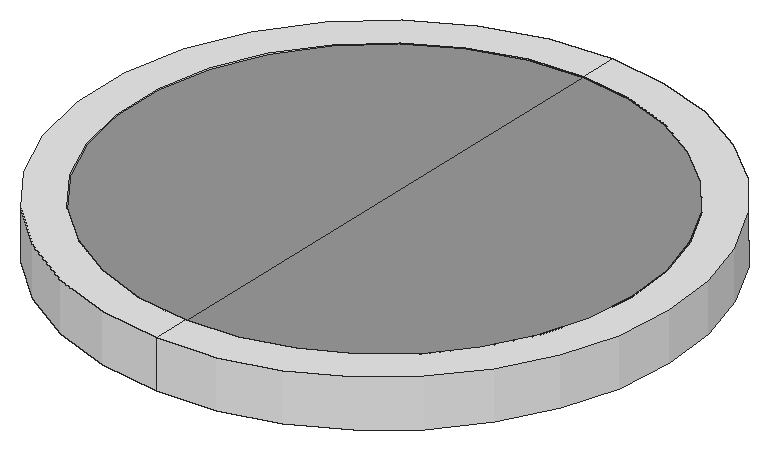
Revit family "SKC12R", category Lighting Fixtures, host Face, Revit 2022
Family settings
  Host = Face
  Round Connector Dimension = Use Diameter
  Part Type = Normal
  Cut with Voids When Loaded = Yes
  Light Source = Yes
  Maintain Annotation Orientation = No
  Shared = No
  Room Calculation Point = No
Parameters (values of type "SKC12R-13LM-2700K-CRI80")
  r = 0' - 3.85882"
  Wattage Comments = "15W"
  Wattage = 10.5425 W
  built-in parameter 1150110 = 1 (stored number, unit not read)
  URL = "https://www.abovealllighting.com/Product/LED-INDOOR-FIXTURE/Surface/SLEEKCEILINGLEDLUMINAIRE.html"
  Trim = 0' - 0 197/256"
  built-in parameter 1114217 = 1 (stored number, unit not read)
  Tilt Angle = 90.00°
  built-in parameter 1150109 = 1 (stored number, unit not read)
  built-in parameter 1150134 = (empty or 0)
  built-in parameter 1150113 = 1 (stored number, unit not read)
  R = 0' - 6"
  Power Factor = "0.9"
  Photometric Web File = "SKC12R-13LM27801(G).IES"
  Model = "SKC12R-13LM-27801"
  Manufacturer = "Above All Lighting"  # constant formula
  built-in parameter 1150105 = 124.62 (stored number, unit not read)
  Lumens = 1566 lm
  built-in parameter 1150115 = 1 (stored number, unit not read)
  Load Classification = Lighting
  built-in parameter 1150137 = (empty or 0)
  built-in parameter 1150139 = (empty or 0)
  built-in parameter 1150112 = 1 (stored number, unit not read)
  built-in parameter 1150114 = 1 (stored number, unit not read)
  Lamp = "LED"
  Input Voltage = "120-277V"
  built-in parameter 1150132 = 2
  built-in parameter 1150102 = (empty or 0)
  built-in parameter 1150107 = 2700 (stored number, unit not read)
  built-in parameter 1150138 = (empty or 0)
  built-in parameter 1150106 = 1.2462 (stored number, unit not read)
  built-in parameter 1150104 = 13.8 (stored number, unit not read)
  Dimming Lamp Color Temperature Shift = <None>
  Default Elevation = 0' - 0"
  Color Filter = 16777215
  CRI = "80"
  built-in parameter 1114218 = 1 (stored number, unit not read)
  built-in parameter 1150133 = 10 (stored number, unit not read)
Types (17): name | Wattage Comments | Wattage | built-in parameter 1150134 | Photometric Web File | Model | built-in parameter 1150105 | Lumens | built-in parameter 1150107 | built-in parameter 1150106 | CRI
  (no name) | "15W" | 10.5425 W | (empty or 0) | "SKC12R-13LM27801(G).IES" | "SKC12R-13LM-27801" | 124.62 (stored number, unit not read) | 1566 lm | 2700 (stored number, unit not read) | 1.2462 (stored number, unit not read) | "80"
  SKC12R-13LM-2700K-CRI90 | "15W" | 9.08834 W | (empty or 0) | "SKC12R-13LM27901(G).IES" | "SKC12R-13LM-27901" | 107.43 (stored number, unit not read) | 1350 lm | 2700 (stored number, unit not read) | 1.0743 (stored number, unit not read) | "90"
  SKC12R-13LM-3000K-CRI90 | "15W" | 9.08834 W | (empty or 0) | "SKC12R-13LM30901(G).IES" | "SKC12R-13LM-30901" | 107.43 (stored number, unit not read) | 1350 lm | 3000 (stored number, unit not read) | 1.0743 (stored number, unit not read) | "90"
  SKC12R-13LM-3500K-CRI90 | "15W" | 9.08834 W | (empty or 0) | "SKC12R-13LM35901(G).IES" | "SKC12R-13LM-35901" | 107.43 (stored number, unit not read) | 1350 lm | 3500 (stored number, unit not read) | 1.0743 (stored number, unit not read) | "90"
  SKC12R-13LM-4000K-CRI90 | "15W" | 9.08834 W | 12 | "SKC12R-13LM40901(G).IES" | "SKC12R-13LM-40901" | 107.43 (stored number, unit not read) | 1350 lm | 4000 (stored number, unit not read) | 1.0743 (stored number, unit not read) | "90"
  SKC12R-18LM-2700K-CRI90 | "20W" | 11.7139 W | (empty or 0) | "SKC12R-18LM27901(G).IES" | "SKC12R-18LM-27901" | 138.46 (stored number, unit not read) | 1740 lm | 2700 (stored number, unit not read) | 1.3846 (stored number, unit not read) | "90"
  SKC12R-18LM-3000K-CRI90 | "20W" | 11.7139 W | (empty or 0) | "SKC12R-18LM30901(G).IES" | "SKC12R-18LM-30901" | 138.46 (stored number, unit not read) | 1740 lm | 3000 (stored number, unit not read) | 1.3846 (stored number, unit not read) | "90"
  SKC12R-18LM-3500K-CRI90 | "20W" | 11.7139 W | (empty or 0) | "SKC12R-18LM35901(G).IES" | "SKC12R-18LM-35901" | 138.46 (stored number, unit not read) | 1740 lm | 3500 (stored number, unit not read) | 1.3846 (stored number, unit not read) | "90"
  SKC12R-18LM-4000K-CRI90 | "20W" | 11.7139 W | 12 | "SKC12R-18LM40901(G).IES" | "SKC12R-18LM-40901" | 138.46 (stored number, unit not read) | 1740 lm | 4000 (stored number, unit not read) | 1.3846 (stored number, unit not read) | "90"
  SKC12R-13LM-2700K-CRI80 | "15W" | 10.5425 W | (empty or 0) | "SKC12R-13LM27801(G).IES" | "SKC12R-13LM-27801" | 124.62 (stored number, unit not read) | 1566 lm | 2700 (stored number, unit not read) | 1.2462 (stored number, unit not read) | "80"
  SKC12R-13LM-3000K-CRI80 | "15W" | 10.5425 W | (empty or 0) | "SKC12R-13LM30801(G).IES" | "SKC12R-13LM-30801" | 124.62 (stored number, unit not read) | 1566 lm | 3000 (stored number, unit not read) | 1.2462 (stored number, unit not read) | "80"
  SKC12R-13LM-3500K-CRI80 | "15W" | 10.5425 W | (empty or 0) | "SKC12R-13LM35801(G).IES" | "SKC12R-13LM-35801" | 124.62 (stored number, unit not read) | 1566 lm | 3500 (stored number, unit not read) | 1.2462 (stored number, unit not read) | "80"
  SKC12R-13LM-4000K-CRI80 | "15W" | 10.5425 W | 12 | "SKC12R-13LM40801(G).IES" | "SKC12R-13LM-40801" | 124.62 (stored number, unit not read) | 1566 lm | 4000 (stored number, unit not read) | 1.2462 (stored number, unit not read) | "80"
  SKC12R-18LM-2700K-CRI80 | "20W" | 13.5854 W | (empty or 0) | "SKC12R-18LM27801(G).IES" | "SKC12R-18LM-27801" | 707.83 (stored number, unit not read) | 2018 lm | 2700 (stored number, unit not read) | 7.0783 (stored number, unit not read) | "80"
  SKC12R-18LM-3000K-CRI80 | "20W" | 13.5854 W | (empty or 0) | "SKC12R-18LM30801(G).IES" | "SKC12R-18LM-30801" | 707.83 (stored number, unit not read) | 2018 lm | 3000 (stored number, unit not read) | 7.0783 (stored number, unit not read) | "80"
  SKC12R-18LM-3500K-CRI80 | "20W" | 13.5854 W | (empty or 0) | "SKC12R-18LM35801(G).IES" | "SKC12R-18LM-35801" | 707.83 (stored number, unit not read) | 2018 lm | 3500 (stored number, unit not read) | 7.0783 (stored number, unit not read) | "80"
  SKC12R-18LM-4000K-CRI80 | "20W" | 13.5854 W | 12 | "SKC12R-18LM40801(G).IES" | "SKC12R-18LM-40801" | 707.83 (stored number, unit not read) | 2018 lm | 4000 (stored number, unit not read) | 7.0783 (stored number, unit not read) | "80"
Reference planes (in)
  plane 1 "Center (Front/Back)": y = 0
  plane 2: z = 0
  plane 3 "Center (Left/Right)": x = 0
  plane 4: y = 6
  plane 5: y = -6
  plane 6: z = 0.36
  plane 7: z = 0
  plane 8: y = 5.23047
Forms (in)
  Revolve 1, solid, material "Aluminum"
    sketch origin (0, 0, 1.36) x (0, -1, 0) y (0, 0, -1)
      loop
        line (-5.23047, 0) -> (-5.23047, 0.25) -> (0, 0.25) -> (0, 1.36) -> (-3.85882, 1.36) -> (-5.26234, 1) -> (-6, 1) -> (-6, 0) -> (-5.23047, 0)
      axis (0, 0) -> (0, 1.36)
    angle from 0 to 360
  Revolve 2, solid, material "Glass, White, High Luminance"
    sketch origin (0, 0, 0) x (0, 1, 0) y (0, 0, 1)
      loop
        line (5.23047, 1.35042) -> (0, 1.35042) -> (0, 1.31859) -> (5.23047, 1.31859) -> (5.23047, 1.35042)
      axis (0, 1.31859) -> (0, 1.35796)
    angle from 0 to 360
Dimensions and locks (in)
  "R": plane 1 "Center (Front/Back)" to plane 4
  "Trim": plane 8 to plane 4
  "r": Revolve 1 sketch curve to Revolve 1 sketch curve
  aligned and locked: plane 2 to host face
  aligned and locked: level to host face
  aligned and locked: plane 8 to Revolve 1 sketch curve
  aligned and locked: Revolve 2 sketch curve to Revolve 1
  aligned and locked: plane 1 "Center (Front/Back)" to Revolve 2 sketch curve
Automatic sketch dimensions
  host sketch curve to host sketch curve = 8' - 0"  (x2)
  Revolve 2 sketch curve to Revolve 2 sketch curve = 0' - 0.03182"
  Revolve 2 sketch curve to plane 1 "Center (Front/Back)" = 0' - 0"
  level to Revolve 2 sketch curve = 0' - 1.31859"
  Revolve 2 sketch curve to level = 2' - 0"
  Revolve 2 sketch curve to Revolve 2 sketch curve = 7' - 6.92544"
  Revolve 1 sketch curve to plane 4 = 0' - 0"
  Revolve 1 sketch curve to plane 6 = 0' - 0"
  Revolve 1 sketch curve to level = 0' - 0"
  Revolve 1 sketch curve to plane 1 "Center (Front/Back)" = 0' - 0"  (x2)
  Revolve 1 sketch curve to plane 8 = 0' - 0.03188"
  plane 6 to Revolve 1 sketch curve = 0' - 0 3/4"
  Revolve 1 sketch curve to Revolve 1 sketch curve = 0' - 0 1/4"
  Revolve 1 sketch curve to Revolve 1 sketch curve = 2' - 0 1/4"
  Revolve 1 sketch curve to Revolve 1 sketch curve = 7' - 6.91586"
